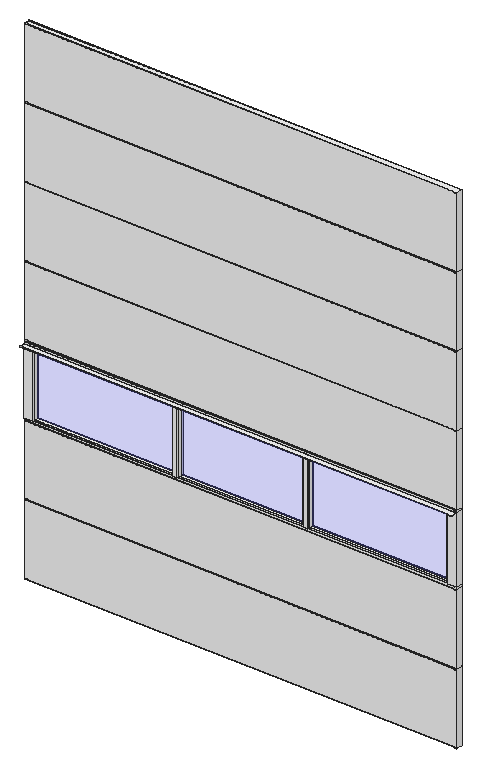
Revit family
Parameters (values of type "By Type")
  Windload = "Doors available rated for various design pressures; consult Clopay for avaialbility and specifications"
  VisSection6 = NumSections = 6  # no
  VisSection5 = NumSections > 4  # yes
  VisSection4 = NumSections > 3  # yes
  VisSection3 = NumSections > 2  # yes
  VisArray = NumSections > 6  # yes
  URL = "www.clopaydoor.com"
  Track = "Galvanized steel (gauge varies according to door size)"
  Thickness = 0' - 1 3/8"  # constant formula
  Spec Wizard = "http://www.arcat.com/specwizard/08360clo/index.htm"
  Section Height = Height / NumSections  # 2' - 0"
  Section 5 Glazing = 3200 Section : Solid
  Section 4 Glazing = 3200 Section : Solid
  Section 3 Glazing = Full Vision Section : Intermediate
  Sales Information = "http://www.clopaydoor.com/where-to-buy.aspx?type=dealer"
  Rough Width = 0' - 0"  # constant formula
  Rough Height = 0' - 0"  # constant formula
  R-Value = "6.5"
  Product Features and Benefits = "http://www.clopaydoor.com/insulated-polystyrene-applications.aspx"
  Overlapping Jamb = yes
  Overlap = if(Overlapping Jamb, 0' 1", 0' 0")  # 0' - 1"
  Opening Width = 12' - 0"
  Opening Height = 14' - 0"
  Omniclass Table = "23-30 10 17 37 "
  NumSectionsNotRounded = Height / 2' 0"  # 7
  NumSections = NumSectionsNotRounded + 0.4999  # 7
  NumArraySections = if(NumSections > 6, NumSections - 5, 2)  # 2
  Model = "3150"
  Maximum Size = "Maximum 18' 2'' wide by 16' 0'' high. Additional limitations may apply do to door weight. Consult Clopay for specificiations and shop drawings."  # constant formula
  Manufacturer Website = "http://www.clopaydoor.com"
  Manufacturer Phone Number = "1-800-526-4301"
  Manufacturer Address = "1400 W. Market St., Troy, OH 45373"
  Manufacturer = "Clopay Building Products Company"
  LEED = "http://products.construction.com/swts_content_files/151607/303186.pdf"
  Keynote = "08 36 13"
  Interior Steel = "28 ga. galvanized, primed, and finish painted"
  Hardware = "14 ga. min. steel hinges; 10-ball steel rollers"
  GreenFormat = "http://www.greenformat.com/products/1541-Polystyrene-Insulated-Doors"
  Function = (empty or 0)
  Height = Opening Height + Rough Width * 0  # 14' - 0"
  Wall Closure = (empty or 0)
  Width = Opening Width + Rough Width * 0  # 12' - 0"
  FloorToSection7 = 6 * Section Height  # 12' - 0"
  FloorToSection6 = 5 * Section Height  # 10' - 0"
  FloorToSection5 = 4 * Section Height  # 8' - 0"
  FloorToSection4 = 3 * Section Height  # 6' - 0"
  FloorToSection3 = 2 * Section Height  # 4' - 0"
  FloorToSection2 = Section Height  # 2' - 0"
  File Revision = "01 (Aug, 2012)"
  Exterior Steel = "27 ga. galvanized, primed, and finish painted"
  Double End Stiles = Door Width > 14' 2"  # no
  Door Width = Opening Width + Overlap * 2  # 12' - 2"
  Door Height = Opening Height + Rough Width * 0  # 14' - 0"
  Description = "1-3/8'' thick polystyrene insulated, stucco embossed 27 gauge steel exterior with light ribbed pattern."
  Core Material = "Expanded polystyrene"
  Copyright = "2010, Clopay Building Products Company, Inc."
  Color = White
  CAD and Specifications = "http://www.clopaydoor.com/insulated-polystyrene-specs.aspx"
  Assembly Code = "B2030410"
Reference planes (in)
  plane 1 "Center (Front/Back)": y = 0
  plane 2 "Center (Left/Right)": x = 0
  plane 3 "Left": x = -72
  plane 4 "Right": x = 72
  plane 5 "Top": z = 168
  plane 6 "Exterior": y = 3
  plane 7 "Interior": y = -3
  plane 8: z = 120
  plane 9: z = 144
Lines and regions (in)
  Opening 1
    outline origin (-90, -3, 0) x (1, 0, 0) y (0, 0, 1)
      loop
        line (18, 0) -> (162, 0) -> (162, 168) -> (18, 168) -> (18, 0)
Text (in)
  text "Exterior" at (-74.96733, 27.31104, 0), in view "Ref. Level"
  text "Interior" at (-74.96733, -25.14366, 0), in view "Ref. Level"
  text "Exterior" at (0, 40.15149, 123.01588), in view "Right"
  text "Interior" at (0, -64.39139, 123.01588), in view "Right"
  text "Interior" at (0, -31.01599, 123.00693), in view "Left"
  text "Exterior" at (0, 54.57065, 123.00693), in view "Left"
Dimensions and locks (in)
  equal spacing: plane 3 "Left", plane 2 "Center (Left/Right)", plane 4 "Right"
  "Height": level to plane 5 "Top"
  "Width": plane 3 "Left" to plane 4 "Right"
  host wall to plane 5 "Top" = 14' - 0"
  nested 1 to plane 7 "Interior" = 0' - 0 1/2"
  "FloorToSection6": plane 8 to level
  "FloorToSection7": plane 9 to level
  group 1 to group 2 = 0' - 0"  (x2)
  group 1 to group 2 = 2' - 0"
  aligned and locked: plane 3 "Left" to Opening 1 sketch curve
  aligned and locked: plane 5 "Top" to Opening 1 sketch curve  (x2)
  aligned and locked: Opening 1 sketch curve to plane 4 "Right"
  aligned and locked: Opening 1 sketch curve to level
  aligned and locked: plane 6 "Exterior" to host wall
  aligned and locked: host wall to plane 7 "Interior"
  aligned and locked: plane 2 "Center (Left/Right)" to nested 2
  aligned and locked: plane 2 "Center (Left/Right)" to nested 3
  aligned and locked: plane 2 "Center (Left/Right)" to nested 4
  aligned and locked: plane 2 "Center (Left/Right)" to nested 6
  aligned and locked: nested 6 to plane 8
  aligned and locked: nested 7 to plane 9
  aligned and locked: plane 2 "Center (Left/Right)" to nested 9
  aligned and locked: plane 7 "Interior" to nested 2
  aligned and locked: plane 7 "Interior" to nested 3
  aligned and locked: plane 7 "Interior" to nested 4  (x2)
  aligned and locked: plane 7 "Interior" to nested 9  (x2)
  aligned and locked: plane 7 "Interior" to nested 7
  aligned and locked: nested 1 to nested 7
  aligned and locked: nested 1 to nested 6
  aligned and locked: host wall to nested 3
Nested families (in)
  nested 1: "3200 Section" at (0, 0, 0), type "Solid"
  nested 2: "3200 Section" at (0, 0, 24), built-in parameter 1001364 <- "Section Height", type "Solid"
  nested 3: "3200 Section" at (0, 0, 120), built-in parameter 1001364 <- "FloorToSection6", visible <- "VisSection6", type "Solid"
  nested 4: "3200 Section" at (0, 0, 96), built-in parameter 1001364 <- "FloorToSection5", type <- "Section 5 Glazing", visible <- "VisSection5", type "Solid"
  nested 5: "3200 Section" at (0, 0, 72), type <- "Section 4 Glazing", built-in parameter 1001364 <- "FloorToSection4", visible <- "VisSection4", type "Solid"
  nested 6: "3200 Section" at (0, 0, 120), visible <- "VisArray", type "Solid"
  nested 7: "3200 Section" at (0, 0, 144), visible <- "VisArray", type "Solid"
  nested 8: "3200 Section" at (0, 4.53003, 370.39685), type "Windows - 24x8", not visible
    with X9 1' - 5 1/2", X8 1' - 5 1/2", X7 1' - 5 1/2", X6 1' - 5 1/2", X5 1' - 5 1/2", X4 1' - 5 1/2", X3 8' - 9 1/2", X2 5' - 1 1/2", NumWindows 3, Half Door Width Neg -6' - 1", Half Door Width 6' - 1", X1 1' - 5 1/2", Door Width 12' - 2"
  nested 9: "Full Vision Section" at (0, 0, 48), built-in parameter 1001364 <- "FloorToSection3", type <- "Section 3 Glazing", type "Intermediate"
    with SingleStileVis no, Rail Width 12' - 1 13/16", NumIntStiles 2, Half Rail Width 6' - 0 29/32", Half Door Width 6' - 1", Glass Width 12' - 0 13/16", Edge to 1st Int Stile 4' - 3", Door Width 12' - 2", ArrayStileVis yes
Definition of nested family "3200 Section"
  Parameters (values of type "Windows - 24x12")
    X9 = if(if(NumArrayedWindows < NumWindows, NumArrayedWindows + 1, NumWindows) < 9, X1, X8 + WindowSpacing)  # 0' - 7 1/2"
    X8 = if(if(NumArrayedWindows < NumWindows, NumArrayedWindows + 1, NumWindows) < 8, X1, X7 + WindowSpacing)  # 0' - 7 1/2"
    X7 = if(if(NumArrayedWindows < NumWindows, NumArrayedWindows + 1, NumWindows) < 7, X1, X6 + WindowSpacing)  # 0' - 7 1/2"
    X6 = if(if(NumArrayedWindows < NumWindows, NumArrayedWindows + 1, NumWindows) < 6, X1, X5 + WindowSpacing)  # 0' - 7 1/2"
    X5 = if(if(NumArrayedWindows < NumWindows, NumArrayedWindows + 1, NumWindows) < 5, X1, X4 + WindowSpacing)  # 0' - 7 1/2"
    X4 = if(if(NumArrayedWindows < NumWindows, NumArrayedWindows + 1, NumWindows) < 4, X1, X3 + WindowSpacing)  # 11' - 7 1/2"
    X3 = if(or(NumWindows < 3, SingleWindowVis), X1, X2 + WindowSpacing)  # 7' - 11 1/2"
    X2 = if(NumWindows < 2, ((Door Width - (NumWindows - 1) * WindowSpacing) / 2 - Cutout Width / 2), ((Door Width - (NumWindows - 1) * WindowSpacing) / 2 - Cutout Width / 2) + WindowSpacing)  # 4' - 3 1/2"
    Windows (2) = 3200 Window : 24x12
    Windows = 3200 Window Array : 24x12
    WindowSpacing = if(and(Door Width < 10' 0", Door Width > 9' 2"), 3' 4", 3' 8")  # 3' - 8"
    WindowArrayVis = and(or(and(Window Type Index = 4, Door Width > 7' 6", Door Width < 16' 3"), Window Type Index = 3, Window Type Index = 2), not(SingleWindowVis))  # yes
    WindowCutDepth = if(or(Window Type Index = 1, and(Door Width < 7' 8", Window Type Index = 4), and(Window Type Index = 4, Door Width > 16' 2")), -0' 0 13/128", 0' 2")  # 0' - 2"
    Window Type Index = 3
    SingleWindowVis = and(X2 = X1, NumWindows = 3, Window Type Index = 4)  # no
    Section Height = 2' - 0"
    RibSpacing = Section Height / (NumRibs + 1)  # 0' - 4"
    NumWindows = if(Door Width < 9' 4", 2, if(Door Width < 13' 4", 3, if(Door Width < 16' 4", 4, if(Door Width < 20' 4", 5, if(Door Width < 24' 4", 6, if(Door Width < 26' 4", 7, if(Door Width < 31' 8", 8, 10)))))))  # 4
    NumRibs = if(Section Height < 1' 9", 3, if(Section Height < 2' 0", 4, 5))  # 5
    NumArrayedWindows = if(X2 = X1, if(NumWindows < 4, 2, NumWindows - 2), NumWindows)  # 4
    Half Section Height = Section Height / 2  # 1' - 0"
    Half Door Width Neg = -Half Door Width  # -7' - 1"
    Half Door Width = Door Width / 2  # 7' - 1"
    Half Cutout Height = Cutout Height / 2  # 0' - 5 1/2"
    Function = (empty or 0)
    Height = 0' - 0"
    Wall Closure = (empty or 0)
    Width = 0' - 0"
    X1 = if(if(Window Type Index = 4, if(or(and(Door Width < 11' 0", Door Width > 9' 2"), and(Door Width < 15' 3", Door Width > 13' 2")), X2, (Door Width - (NumWindows - 1) * WindowSpacing) / 2 - Cutout Width / 2), if(or(and(Door Width > 16' 2", Door Width < 16' 7")), X2, (Door Width - (NumWindows - 1) * WindowSpacing) / 2 - Cutout Width / 2)) < 0' 1", 0' 1", if(Window Type Index = 4, if(or(and(Door Width < 11' 0", Door Width > 9' 2"), and(Door Width < 15' 3", Door Width > 13' 2")), X2, (Door Width - (NumWindows - 1) * WindowSpacing) / 2 - Cutout Width / 2), if(or(and(Door Width > 16' 2", Door Width < 16' 7")), X2, (Door Width - (NumWindows - 1) * WindowSpacing) / 2 - Cutout Width / 2)))  # 0' - 7 1/2"
    Door Width = 14' - 2"
    CutoutToCutout = 1' - 0"
    Cutout Width = if(Window Type Index = 4, 3' 2", 1' 11")  # 1' - 11"
    Cutout Height = if(Window Type Index = 4, 1' 0", if(Window Type Index = 3, 0' 11", 0' 7"))  # 0' - 11"
    Color = White
    BtmTo1stRib = RibSpacing  # 0' - 4"
    Assembly Code = ""
  Types (3): name | X9 | X8 | X7 | X6 | X5 | X4 | X3 | X2 | Windows (2) | Windows | WindowArrayVis | WindowCutDepth | Window Type Index | NumWindows | NumArrayedWindows | Half Door Width Neg | Half Door Width | Half Cutout Height | X1 | Door Width | Cutout Height
    Windows - 24x12 | 0' - 7 1/2" | 0' - 7 1/2" | 0' - 7 1/2" | 0' - 7 1/2" | 0' - 7 1/2" | 11' - 7 1/2" | 7' - 11 1/2" | 4' - 3 1/2" | 3200 Window : 24x12 | 3200 Window Array : 24x12 | yes | 0' - 2" | 3 | 4 | 4 | -7' - 1" | 7' - 1" | 0' - 5 1/2" | 0' - 7 1/2" | 14' - 2" | 0' - 11"
    Windows - 24x8 | 3' - 6 1/2" | 3' - 6 1/2" | 3' - 6 1/2" | 3' - 6 1/2" | 3' - 6 1/2" | 10' - 10 1/2" | 7' - 2 1/2" | 3' - 6 1/2" | 3200 Window : 24x8 | 3200 Window Array : 24x8 | yes | 0' - 2" | 2 | 5 | 3 | -8' - 2" | 8' - 2" | 0' - 3 1/2" | 3' - 6 1/2" | 16' - 4" | 0' - 7"
    Solid | 1' - 5 1/2" | 1' - 5 1/2" | 1' - 5 1/2" | 1' - 5 1/2" | 1' - 5 1/2" | 1' - 5 1/2" | 8' - 9 1/2" | 5' - 1 1/2" | 3200 Window : 24x8 | 3200 Window : 24x8 | no | -0' - 0 13/128" | 1 | 3 | 3 | -6' - 1" | 6' - 1" | 0' - 3 1/2" | 1' - 5 1/2" | 12' - 2" | 0' - 7"
  Reference planes (in)
    plane 1 "Center (Front/Back)": y = 0
    plane 2 "Center (Left/Right)": x = 0
    plane 3 "Exterior": y = 3
    plane 4 "Interior": y = -3
    plane 5: y = -3.5
    plane 6: x = 85
    plane 7: x = -85
    plane 8: z = 4
    plane 9: z = 8
    plane 10: z = 24
    plane 11: z = 12
    plane 12: z = 0
  Forms (in)
    Extrusion 1, solid, material "White" <- "Color"
      sketch origin (-85, -12, 83.08252) x (0, 0, 1) y (0, -1, 0)
        loop
          line (-59.08252, -8.37573) -> (-59.08252, -6.62444)
          arc (-59.08252, -6.62444) -> (-59.11897, -6.53645) -> (-59.20696, -6.5) r 0.12444
          line (-59.20696, -6.5) -> (-82.95809, -6.5)
          arc (-82.95809, -6.5) -> (-83.04608, -6.53645) -> (-83.08252, -6.62444) r 0.12444
          line (-83.08252, -6.62444) -> (-83.08252, -8.37573)
          arc (-83.08252, -8.37573) -> (-83.04612, -8.4636) -> (-82.95825, -8.5) r 0.12427
          line (-82.95825, -8.5) -> (-59.20679, -8.5)
          arc (-59.20679, -8.5) -> (-59.11892, -8.4636) -> (-59.08252, -8.37573) r 0.12427
      from 0 to 170 <- "Door Width"
    Extrusion 2, void
      sketch origin (-98.15385, -3.5, 48) x (1, 0, 0) y (0, 0, 1)
        loop
          line (175.65385, -30.5) -> (152.65385, -30.5) -> (152.65385, -36) -> (175.65385, -36) -> (175.65385, -30.5)
      from 0 to 2 <- "WindowCutDepth"
    Extrusion 3, void
      sketch origin (-98.15385, -3.5, -24) x (1, 0, 0) y (0, 0, 1)
        loop
          line (175.65385, 30.5) -> (175.65385, 36) -> (152.65385, 36) -> (152.65385, 30.5) -> (175.65385, 30.5)
      from 0 to 2 <- "WindowCutDepth"
    Extrusion 4, void
      sketch origin (-136.15385, -3.5, 48) x (1, 0, 0) y (0, 0, 1)
        loop
          line (169.65385, -30.5) -> (146.65385, -30.5) -> (146.65385, -36) -> (169.65385, -36) -> (169.65385, -30.5)
      from 0 to 2 <- "WindowCutDepth"
    Extrusion 5, void
      sketch origin (-136.15385, -3.5, -24) x (1, 0, 0) y (0, 0, 1)
        loop
          line (169.65385, 30.5) -> (169.65385, 36) -> (146.65385, 36) -> (146.65385, 30.5) -> (169.65385, 30.5)
      from 0 to 2 <- "WindowCutDepth"
    Extrusion 6, void
      sketch origin (-171.15385, -3.5, 48) x (1, 0, 0) y (0, 0, 1)
        loop
          line (160.65385, -30.5) -> (137.65385, -30.5) -> (137.65385, -36) -> (160.65385, -36) -> (160.65385, -30.5)
      from 0 to 2 <- "WindowCutDepth"
    Extrusion 7, void
      sketch origin (-171.15385, -3.5, -24) x (1, 0, 0) y (0, 0, 1)
        loop
          line (160.65385, 30.5) -> (160.65385, 36) -> (137.65385, 36) -> (137.65385, 30.5) -> (160.65385, 30.5)
      from 0 to 2 <- "WindowCutDepth"
    Extrusion 8, void
      sketch origin (-214.15385, -3.5, 48) x (1, 0, 0) y (0, 0, 1)
        loop
          line (159.65385, -30.5) -> (136.65385, -30.5) -> (136.65385, -36) -> (159.65385, -36) -> (159.65385, -30.5)
      from 0 to 2 <- "WindowCutDepth"
    Extrusion 9, void
      sketch origin (-214.15385, -3.5, -24) x (1, 0, 0) y (0, 0, 1)
        loop
          line (159.65385, 30.5) -> (159.65385, 36) -> (136.65385, 36) -> (136.65385, 30.5) -> (159.65385, 30.5)
      from 0 to 2 <- "WindowCutDepth"
    Extrusion 10, void
      sketch origin (-256.15385, -3.5, 48) x (1, 0, 0) y (0, 0, 1)
        loop
          line (333.65385, -30.5) -> (310.65385, -30.5) -> (310.65385, -36) -> (333.65385, -36) -> (333.65385, -30.5)
      from 0 to 2 <- "WindowCutDepth"
    Extrusion 11, void
      sketch origin (-256.15385, -3.5, -24) x (1, 0, 0) y (0, 0, 1)
        loop
          line (333.65385, 30.5) -> (333.65385, 36) -> (310.65385, 36) -> (310.65385, 30.5) -> (333.65385, 30.5)
      from 0 to 2 <- "WindowCutDepth"
    Extrusion 12, void
      sketch origin (-294.15385, -3.5, 48) x (1, 0, 0) y (0, 0, 1)
        loop
          line (371.65385, -30.5) -> (348.65385, -30.5) -> (348.65385, -36) -> (371.65385, -36) -> (371.65385, -30.5)
      from 0 to 2 <- "WindowCutDepth"
    Extrusion 13, void
      sketch origin (-294.15385, -3.5, -24) x (1, 0, 0) y (0, 0, 1)
        loop
          line (371.65385, 30.5) -> (371.65385, 36) -> (348.65385, 36) -> (348.65385, 30.5) -> (371.65385, 30.5)
      from 0 to 2 <- "WindowCutDepth"
    Extrusion 14, void
      sketch origin (-331.15385, -3.5, 48) x (1, 0, 0) y (0, 0, 1)
        loop
          line (408.65385, -30.5) -> (385.65385, -30.5) -> (385.65385, -36) -> (408.65385, -36) -> (408.65385, -30.5)
      from 0 to 2 <- "WindowCutDepth"
    Extrusion 15, void
      sketch origin (-331.15385, -3.5, -24) x (1, 0, 0) y (0, 0, 1)
        loop
          line (408.65385, 30.5) -> (408.65385, 36) -> (385.65385, 36) -> (385.65385, 30.5) -> (408.65385, 30.5)
      from 0 to 2 <- "WindowCutDepth"
    Extrusion 16, void
      sketch origin (-368.15385, -3.5, 48) x (1, 0, 0) y (0, 0, 1)
        loop
          line (445.65385, -30.5) -> (422.65385, -30.5) -> (422.65385, -36) -> (445.65385, -36) -> (445.65385, -30.5)
      from 0 to 2 <- "WindowCutDepth"
    Extrusion 17, void
      sketch origin (-368.15385, -3.5, -24) x (1, 0, 0) y (0, 0, 1)
        loop
          line (445.65385, 30.5) -> (445.65385, 36) -> (422.65385, 36) -> (422.65385, 30.5) -> (445.65385, 30.5)
      from 0 to 2 <- "WindowCutDepth"
    Extrusion 18, void
      sketch origin (-407.15385, -3.5, 48) x (1, 0, 0) y (0, 0, 1)
        loop
          line (484.65385, -30.5) -> (461.65385, -30.5) -> (461.65385, -36) -> (484.65385, -36) -> (484.65385, -30.5)
      from 0 to 2 <- "WindowCutDepth"
    Extrusion 19, void
      sketch origin (-407.15385, -3.5, -24) x (1, 0, 0) y (0, 0, 1)
        loop
          line (484.65385, 30.5) -> (484.65385, 36) -> (461.65385, 36) -> (461.65385, 30.5) -> (484.65385, 30.5)
      from 0 to 2 <- "WindowCutDepth"
    Extrusion 20, void
      sketch origin (0, -8.99984, -0.5) x (0, 1, 0) y (0, 0, -1)
        loop
          line (5.49984, -4.62727) -> (5.49984, -4.37273) -> (5.46952, -4.41942)
          arc (5.46952, -4.41942) -> (5.46231, -4.43506) -> (5.45984, -4.4521) r 0.06
          line (5.45984, -4.4521) -> (5.45984, -4.5479)
          arc (5.45984, -4.5479) -> (5.46231, -4.56494) -> (5.46952, -4.58058) r 0.06
          line (5.46952, -4.58058) -> (5.49984, -4.62727)
      from -85 <- "Half Door Width Neg" to 170 <- "Door Width"
    Extrusion 21, void
      sketch origin (0, -8.99984, 3.5) x (0, 1, 0) y (0, 0, -1)
        loop
          line (5.49984, -4.62727) -> (5.49984, -4.37273) -> (5.46952, -4.41942)
          arc (5.46952, -4.41942) -> (5.46231, -4.43506) -> (5.45984, -4.4521) r 0.06
          line (5.45984, -4.4521) -> (5.45984, -4.5479)
          arc (5.45984, -4.5479) -> (5.46231, -4.56494) -> (5.46952, -4.58058) r 0.06
          line (5.46952, -4.58058) -> (5.49984, -4.62727)
      from -85 <- "Half Door Width Neg" to 170 <- "Door Width"
    Extrusion 22, void
      sketch origin (0, -8.99984, 7.5) x (0, 1, 0) y (0, 0, -1)
        loop
          line (5.49984, -4.62727) -> (5.49984, -4.37273) -> (5.46952, -4.41942)
          arc (5.46952, -4.41942) -> (5.46231, -4.43506) -> (5.45984, -4.4521) r 0.06
          line (5.45984, -4.4521) -> (5.45984, -4.5479)
          arc (5.45984, -4.5479) -> (5.46231, -4.56494) -> (5.46952, -4.58058) r 0.06
          line (5.46952, -4.58058) -> (5.49984, -4.62727)
      from -85 <- "Half Door Width Neg" to 170 <- "Door Width"
    Extrusion 23, void
      sketch origin (0, -8.99984, 11.5) x (0, 1, 0) y (0, 0, -1)
        loop
          line (5.49984, -4.62727) -> (5.49984, -4.37273) -> (5.46952, -4.41942)
          arc (5.46952, -4.41942) -> (5.46231, -4.43506) -> (5.45984, -4.4521) r 0.06
          line (5.45984, -4.4521) -> (5.45984, -4.5479)
          arc (5.45984, -4.5479) -> (5.46231, -4.56494) -> (5.46952, -4.58058) r 0.06
          line (5.46952, -4.58058) -> (5.49984, -4.62727)
      from -85 <- "Half Door Width Neg" to 170 <- "Door Width"
    Extrusion 24, void
      sketch origin (0, -8.99984, 15.5) x (0, 1, 0) y (0, 0, -1)
        loop
          line (5.49984, -4.62727) -> (5.49984, -4.37273) -> (5.46952, -4.41942)
          arc (5.46952, -4.41942) -> (5.46231, -4.43506) -> (5.45984, -4.4521) r 0.06
          line (5.45984, -4.4521) -> (5.45984, -4.5479)
          arc (5.45984, -4.5479) -> (5.46231, -4.56494) -> (5.46952, -4.58058) r 0.06
          line (5.46952, -4.58058) -> (5.49984, -4.62727)
      from -85 <- "Half Door Width Neg" to 170 <- "Door Width"
  Cuts and joins
    Extrusion 2, Extrusion 3, Extrusion 4, Extrusion 5, Extrusion 6, Extrusion 7, Extrusion 8, Extrusion 9, Extrusion 10, Extrusion 11, Extrusion 12, Extrusion 13, Extrusion 14, Extrusion 15, Extrusion 16, Extrusion 17, Extrusion 18, Extrusion 19, Extrusion 20, Extrusion 21, Extrusion 22, Extrusion 23, Extrusion 24 cuts Extrusion 1
  Lines and regions (in)
    reference lines
      curve 1: line (-72, -3.54, 4) -> (-72, -3.5, 4)
      curve 2: line (-72, -3.54, 8) -> (-72, -3.5, 8)
      curve 3: line (-72, -3.54, 12) -> (-72, -3.5, 12)
      curve 4: line (-72, -3.54, 16) -> (-72, -3.5, 16)
      curve 5: line (-72, -3.54, 20) -> (-72, -3.5, 20)
  Text (in)
    text "Exterior" at (-74.96733, 27.31104, 0), in view "Ref. Level"
    text "Interior" at (-74.96733, -25.14366, 0), in view "Ref. Level"
    text "Exterior" at (0, 40.15149, 123.01588), in view "Right"
    text "Interior" at (0, -64.39139, 123.01588), in view "Right"
    text "Interior" at (0, -31.01599, 123.00693), in view "Left"
    text "Exterior" at (0, 54.57065, 123.00693), in view "Left"
  Dimensions and locks (in)
    plane 4 "Interior" to plane 5 = 0' - 0 1/2"
    "Half Door Width": plane 2 "Center (Left/Right)" to plane 7
    "Half Door Width": plane 6 to plane 2 "Center (Left/Right)"
    Extrusion 1 sketch curve to Extrusion 1 sketch curve = 0' - 2"
    "BtmTo1stRib": plane 8 to level
    "RibSpacing": plane 9 to plane 8
    "Section Height": plane 10 to level
    "Half Section Height": level to plane 11
    "Cutout Width": Extrusion 2 sketch curve to Extrusion 2 sketch curve
    "Half Cutout Height": Extrusion 2 sketch curve to Extrusion 2 sketch curve
    "Cutout Width": Extrusion 3 sketch curve to Extrusion 3 sketch curve
    "Half Cutout Height": Extrusion 3 sketch curve to Extrusion 3 sketch curve
    "X1": cut or joined group 1 (Extrusion 1, Extrusion 2, Extrusion 3, Extrusion 4, Extrusion 5, Extrusion 6, Extrusion 7, Extrusion 8, Extrusion 9, Extrusion 10, Extrusion 11, Extrusion 12, Extrusion 13, Extrusion 14, Extrusion 15, Extrusion 16, Extrusion 17, Extrusion 18, Extrusion 19, Extrusion 20, Extrusion 21, Extrusion 22, Extrusion 23, Extrusion 24) to cut or joined group 1
    "Cutout Width": Extrusion 4 sketch curve to Extrusion 4 sketch curve
    "Half Cutout Height": Extrusion 4 sketch curve to Extrusion 4 sketch curve
    "Cutout Width": Extrusion 5 sketch curve to Extrusion 5 sketch curve
    "Half Cutout Height": Extrusion 5 sketch curve to Extrusion 5 sketch curve
    "Cutout Width": Extrusion 6 sketch curve to Extrusion 6 sketch curve
    "Half Cutout Height": Extrusion 6 sketch curve to Extrusion 6 sketch curve
    "Cutout Width": Extrusion 7 sketch curve to Extrusion 7 sketch curve
    "Half Cutout Height": Extrusion 7 sketch curve to Extrusion 7 sketch curve
    "X2": plane 6 to cut or joined group 1
    "X3": plane 6 to cut or joined group 1
    "Cutout Width": Extrusion 8 sketch curve to Extrusion 8 sketch curve
    "Half Cutout Height": Extrusion 8 sketch curve to Extrusion 8 sketch curve
    "Cutout Width": Extrusion 9 sketch curve to Extrusion 9 sketch curve
    "Half Cutout Height": Extrusion 9 sketch curve to Extrusion 9 sketch curve
    "Cutout Width": Extrusion 10 sketch curve to Extrusion 10 sketch curve
    "Half Cutout Height": Extrusion 10 sketch curve to Extrusion 10 sketch curve
    "Cutout Width": Extrusion 11 sketch curve to Extrusion 11 sketch curve
    "Half Cutout Height": Extrusion 11 sketch curve to Extrusion 11 sketch curve
    "Cutout Width": Extrusion 12 sketch curve to Extrusion 12 sketch curve
    "Half Cutout Height": Extrusion 12 sketch curve to Extrusion 12 sketch curve
    "Cutout Width": Extrusion 13 sketch curve to Extrusion 13 sketch curve
    "Half Cutout Height": Extrusion 13 sketch curve to Extrusion 13 sketch curve
    "Cutout Width": Extrusion 14 sketch curve to Extrusion 14 sketch curve
    "Half Cutout Height": Extrusion 14 sketch curve to Extrusion 14 sketch curve
    "Cutout Width": Extrusion 15 sketch curve to Extrusion 15 sketch curve
    "Half Cutout Height": Extrusion 15 sketch curve to Extrusion 15 sketch curve
    "Cutout Width": Extrusion 16 sketch curve to Extrusion 16 sketch curve
    "Half Cutout Height": Extrusion 16 sketch curve to Extrusion 16 sketch curve
    "Cutout Width": Extrusion 17 sketch curve to Extrusion 17 sketch curve
    "Half Cutout Height": Extrusion 17 sketch curve to Extrusion 17 sketch curve
    "Cutout Width": Extrusion 18 sketch curve to Extrusion 18 sketch curve
    "Half Cutout Height": Extrusion 18 sketch curve to Extrusion 18 sketch curve
    "Cutout Width": Extrusion 19 sketch curve to Extrusion 19 sketch curve
    "Half Cutout Height": Extrusion 19 sketch curve to Extrusion 19 sketch curve
    "X4": plane 6 to cut or joined group 1
    "X5": plane 6 to cut or joined group 1
    "X6": plane 6 to cut or joined group 1
    "X7": plane 6 to cut or joined group 1
    "X8": plane 6 to cut or joined group 1
    "X9": plane 6 to cut or joined group 1
    locked: nested 1 to cut or joined group 1 at 1  (x2)
    locked: nested 1 to cut or joined group 1 at 0.125
    locked: nested 2 to cut or joined group 1 at 1  (x2)
    locked: nested 2 to plane 5 at 0.125
    Extrusion 20 sketch curve to Extrusion 20 sketch curve = 0' - 0.25454"
    Extrusion 20 sketch curve to Extrusion 20 sketch curve = 0' - 0.04"  (x2)
    Extrusion 20 sketch curve to curve 1 = 0' - 0.12727"
    Extrusion 21 sketch curve to Extrusion 21 sketch curve = 0' - 0.25454"
    Extrusion 21 sketch curve to Extrusion 21 sketch curve = 0' - 0.04"  (x2)
    Extrusion 21 sketch curve to curve 2 = 0' - 0.12727"
    equal spacing: group 1, group 2, group 3, group 4, group 5  (x3)
    Extrusion 22 sketch curve to Extrusion 22 sketch curve = 0' - 0.25454"
    Extrusion 22 sketch curve to Extrusion 22 sketch curve = 0' - 0.04"  (x2)
    Extrusion 22 sketch curve to curve 3 = 0' - 0.12727"
    locked: plane 5 to plane 4 "Interior" at 0.5
    Extrusion 23 sketch curve to Extrusion 23 sketch curve = 0' - 0.25454"
    Extrusion 23 sketch curve to Extrusion 23 sketch curve = 0' - 0.04"  (x2)
    Extrusion 23 sketch curve to curve 4 = 0' - 0.12727"
    Extrusion 24 sketch curve to Extrusion 24 sketch curve = 0' - 0.25454"
    Extrusion 24 sketch curve to Extrusion 24 sketch curve = 0' - 0.04"  (x2)
    Extrusion 24 sketch curve to curve 5 = 0' - 0.12727"
    radius of Extrusion 1 sketch curve = 0' - 0.12427"  (x2)
    radius of Extrusion 1 sketch curve = 0' - 0.12444"  (x2)
    angle Extrusion 20 sketch curve to Extrusion 20 sketch curve = 147.00°  (x2)
    angle Extrusion 21 sketch curve to Extrusion 21 sketch curve = 147.00°  (x2)
    angle Extrusion 22 sketch curve to Extrusion 22 sketch curve = 147.00°  (x2)
    angle Extrusion 23 sketch curve to Extrusion 23 sketch curve = 147.00°  (x2)
    angle Extrusion 24 sketch curve to Extrusion 24 sketch curve = 147.00°  (x2)
    aligned and locked: Extrusion 1 sketch curve to plane 5
    aligned and locked: Extrusion 2 sketch curve to plane 11
    aligned and locked: plane 11 to Extrusion 3 sketch curve
    aligned and locked: cut or joined group 1 to cut or joined group 1  (x9)
    aligned and locked: plane 12 to level
    aligned: plane 9 to curve 2  (x2)
    aligned and locked: plane 8 to curve 1
    aligned and locked: plane 9 to curve 2
  Automatic sketch dimensions
    curve 1 to curve 1 = 0' - 0.04"
    Extrusion 20 sketch curve to Extrusion 20 sketch curve = 0' - 0"
    Extrusion 20 sketch curve to Extrusion 20 sketch curve = 0' - 0.02"
    Extrusion 20 sketch curve to Extrusion 20 sketch curve = 0' - 0.00968"  (x2)
    Extrusion 21 sketch curve to Extrusion 21 sketch curve = 0' - 0"
    Extrusion 21 sketch curve to Extrusion 21 sketch curve = 0' - 0.02"
    Extrusion 21 sketch curve to Extrusion 21 sketch curve = 0' - 0.00968"  (x2)
    Extrusion 22 sketch curve to Extrusion 22 sketch curve = 0' - 0"
    Extrusion 22 sketch curve to Extrusion 22 sketch curve = 0' - 0.02"
    Extrusion 22 sketch curve to Extrusion 22 sketch curve = 0' - 0.00968"  (x2)
    Extrusion 1 sketch curve to level = 0' - 0"
    Extrusion 1 sketch curve to plane 10 = 0' - 0"
    plane 2 "Center (Left/Right)" to Extrusion 2 sketch curve = 4' - 6 1/2"
    plane 2 "Center (Left/Right)" to Extrusion 3 sketch curve = 4' - 6 1/2"
    Extrusion 4 sketch curve to plane 11 = 0' - 0"
    plane 2 "Center (Left/Right)" to Extrusion 4 sketch curve = 0' - 10 1/2"
    Extrusion 5 sketch curve to plane 11 = 0' - 0"
    plane 2 "Center (Left/Right)" to Extrusion 5 sketch curve = 0' - 10 1/2"
    Extrusion 6 sketch curve to plane 11 = 0' - 0"
    plane 7 to Extrusion 6 sketch curve = 4' - 3 1/2"
    Extrusion 7 sketch curve to plane 11 = 0' - 0"
    plane 7 to Extrusion 7 sketch curve = 4' - 3 1/2"
    Extrusion 8 sketch curve to plane 11 = 0' - 0"
    Extrusion 8 sketch curve to plane 2 "Center (Left/Right)" = 6' - 5 1/2"
    Extrusion 9 sketch curve to plane 11 = 0' - 0"
    Extrusion 9 sketch curve to plane 2 "Center (Left/Right)" = 6' - 5 1/2"
    Extrusion 10 sketch curve to plane 11 = 0' - 0"
    plane 2 "Center (Left/Right)" to Extrusion 10 sketch curve = 4' - 6 1/2"
    Extrusion 11 sketch curve to plane 11 = 0' - 0"
    plane 2 "Center (Left/Right)" to Extrusion 11 sketch curve = 4' - 6 1/2"
    Extrusion 12 sketch curve to plane 11 = 0' - 0"
    plane 2 "Center (Left/Right)" to Extrusion 12 sketch curve = 4' - 6 1/2"
    Extrusion 13 sketch curve to plane 11 = 0' - 0"
    plane 2 "Center (Left/Right)" to Extrusion 13 sketch curve = 4' - 6 1/2"
    Extrusion 14 sketch curve to plane 11 = 0' - 0"
    plane 2 "Center (Left/Right)" to Extrusion 14 sketch curve = 4' - 6 1/2"
    Extrusion 15 sketch curve to plane 11 = 0' - 0"
    plane 2 "Center (Left/Right)" to Extrusion 15 sketch curve = 4' - 6 1/2"
    Extrusion 16 sketch curve to plane 11 = 0' - 0"
    plane 2 "Center (Left/Right)" to Extrusion 16 sketch curve = 4' - 6 1/2"
    Extrusion 17 sketch curve to plane 11 = 0' - 0"
    plane 2 "Center (Left/Right)" to Extrusion 17 sketch curve = 4' - 6 1/2"
    Extrusion 18 sketch curve to plane 11 = 0' - 0"
    plane 2 "Center (Left/Right)" to Extrusion 18 sketch curve = 4' - 6 1/2"
    Extrusion 19 sketch curve to plane 11 = 0' - 0"
    plane 2 "Center (Left/Right)" to Extrusion 19 sketch curve = 4' - 6 1/2"
    Extrusion 23 sketch curve to Extrusion 23 sketch curve = 0' - 0"
    Extrusion 23 sketch curve to Extrusion 23 sketch curve = 0' - 0.02"
    Extrusion 23 sketch curve to Extrusion 23 sketch curve = 0' - 0.00968"  (x2)
    Extrusion 24 sketch curve to Extrusion 24 sketch curve = 0' - 0"
    Extrusion 24 sketch curve to Extrusion 24 sketch curve = 0' - 0.02"
    Extrusion 24 sketch curve to Extrusion 24 sketch curve = 0' - 0.00968"  (x2)
  Nested families (in)
    nested 1: "3200 Window Array" at (66, -3.375, 7.5) x (-1, 0, 0) z (0, 0, 1), type <- "Windows", visible <- "WindowArrayVis", type "24x12"
      with Frame Width 2' - 1", Frame Height 1' - 1"
    nested 2: "3200 Window" at (29.05882, -3.375, 6.85294), type <- "Windows (2)", visible <- "SingleWindowVis", type "24x12"
  Definition of nested family "3200 Window Array"
    Parameters (values of type "40x14")
      Window Spacing = 3' - 8"
      NumWindows = 4
      Frame Width = 3' - 4"
      Frame Height = 1' - 2"
      Color = Tan
      Assembly Code = ""
    Types (3): name | Frame Width | Frame Height
      24x8 | 2' - 1" | 0' - 9"
      28x14 | 2' - 4" | 1' - 2"
      40x14 | 3' - 4" | 1' - 2"
    Reference planes (in)
      plane 1 "Center (Front/Back)": y = 0
      plane 2: z = 0
      plane 3 "Center (Left/Right)": x = 0
      plane 4: y = -1
    Forms (in)
      Extrusion 1, solid, material "Tan" <- "Color"
        sketch origin (-1.38592, 0, 0) x (1, 0, 0) y (0, 0, 1)
          loop
            line (-15.92291, -0.72794) -> (19.57709, -0.72794)
            arc (19.57709, -0.72794) -> (20.01904, -0.54488) -> (20.20209, -0.10294) r 0.625
            line (20.20209, -0.10294) -> (20.20209, 9.39706)
            arc (20.20209, 9.39706) -> (20.01904, 9.839) -> (19.57709, 10.02206) r 0.625
            line (19.57709, 10.02206) -> (-15.92291, 10.02206)
            arc (-15.92291, 10.02206) -> (-16.36485, 9.839) -> (-16.54791, 9.39706) r 0.625
            line (-16.54791, 9.39706) -> (-16.54791, -0.10294)
            arc (-16.54791, -0.10294) -> (-16.36485, -0.54488) -> (-15.92291, -0.72794) r 0.625
          loop
            line (-17.54791, -2.35294) -> (21.20209, -2.35294)
            arc (21.20209, -2.35294) -> (21.64404, -2.16988) -> (21.82709, -1.72794) r 0.625
            line (21.82709, -1.72794) -> (21.82709, 11.02206)
            arc (21.82709, 11.02206) -> (21.64404, 11.464) -> (21.20209, 11.64706) r 0.625
            line (21.20209, 11.64706) -> (-17.54791, 11.64706)
            arc (-17.54791, 11.64706) -> (-17.98985, 11.464) -> (-18.17291, 11.02206) r 0.625
            line (-18.17291, 11.02206) -> (-18.17291, -1.72794)
            arc (-18.17291, -1.72794) -> (-17.98985, -2.16988) -> (-17.54791, -2.35294) r 0.625
        from 0 to 2.25
      Extrusion 2, solid, material "Glass"
        sketch origin (0, -1, 15.9844) x (0, 0, 1) y (-1, 0, 0)
          loop
            arc (-5.96234, 17.30882) -> (-6.1454, 17.75077) -> (-6.58734, 17.93382) r 0.625
            line (-6.58734, 17.93382) -> (-16.08734, 17.93382)
            arc (-16.08734, 17.93382) -> (-16.52928, 17.75077) -> (-16.71234, 17.30882) r 0.625
            line (-16.71234, 17.30882) -> (-16.71234, -18.19118)
            arc (-16.71234, -18.19118) -> (-16.52928, -18.63312) -> (-16.08734, -18.81618) r 0.625
            line (-16.08734, -18.81618) -> (-6.58734, -18.81618)
            arc (-6.58734, -18.81618) -> (-6.1454, -18.63312) -> (-5.96234, -18.19118) r 0.625
            line (-5.96234, -18.19118) -> (-5.96234, 17.30882)
        from 0 to 0.25
      Extrusion 3, solid, material "Tan" <- "Color"
        sketch origin (42.61408, 0, 0) x (1, 0, 0) y (0, 0, 1)
          loop
            line (-15.92291, -0.72794) -> (19.57709, -0.72794)
            arc (19.57709, -0.72794) -> (20.01904, -0.54488) -> (20.20209, -0.10294) r 0.625
            line (20.20209, -0.10294) -> (20.20209, 9.39706)
            arc (20.20209, 9.39706) -> (20.01904, 9.839) -> (19.57709, 10.02206) r 0.625
            line (19.57709, 10.02206) -> (-15.92291, 10.02206)
            arc (-15.92291, 10.02206) -> (-16.36485, 9.839) -> (-16.54791, 9.39706) r 0.625
            line (-16.54791, 9.39706) -> (-16.54791, -0.10294)
            arc (-16.54791, -0.10294) -> (-16.36485, -0.54488) -> (-15.92291, -0.72794) r 0.625
          loop
            line (-17.54791, -2.35294) -> (21.20209, -2.35294)
            arc (21.20209, -2.35294) -> (21.64404, -2.16988) -> (21.82709, -1.72794) r 0.625
            line (21.82709, -1.72794) -> (21.82709, 11.02206)
            arc (21.82709, 11.02206) -> (21.64404, 11.464) -> (21.20209, 11.64706) r 0.625
            line (21.20209, 11.64706) -> (-17.54791, 11.64706)
            arc (-17.54791, 11.64706) -> (-17.98985, 11.464) -> (-18.17291, 11.02206) r 0.625
            line (-18.17291, 11.02206) -> (-18.17291, -1.72794)
            arc (-18.17291, -1.72794) -> (-17.98985, -2.16988) -> (-17.54791, -2.35294) r 0.625
        from 0 to 2.25
      Extrusion 4, solid, material "Glass"
        sketch origin (44, -1, 15.9844) x (0, 0, 1) y (-1, 0, 0)
          loop
            arc (-5.96234, 17.30882) -> (-6.1454, 17.75077) -> (-6.58734, 17.93382) r 0.625
            line (-6.58734, 17.93382) -> (-16.08734, 17.93382)
            arc (-16.08734, 17.93382) -> (-16.52928, 17.75077) -> (-16.71234, 17.30882) r 0.625
            line (-16.71234, 17.30882) -> (-16.71234, -18.19118)
            arc (-16.71234, -18.19118) -> (-16.52928, -18.63312) -> (-16.08734, -18.81618) r 0.625
            line (-16.08734, -18.81618) -> (-6.58734, -18.81618)
            arc (-6.58734, -18.81618) -> (-6.1454, -18.63312) -> (-5.96234, -18.19118) r 0.625
            line (-5.96234, -18.19118) -> (-5.96234, 17.30882)
        from 0 to 0.25
      Extrusion 5, solid, material "Tan" <- "Color"
        sketch origin (86.61408, 0, 0) x (1, 0, 0) y (0, 0, 1)
          loop
            line (-15.92291, -0.72794) -> (19.57709, -0.72794)
            arc (19.57709, -0.72794) -> (20.01904, -0.54488) -> (20.20209, -0.10294) r 0.625
            line (20.20209, -0.10294) -> (20.20209, 9.39706)
            arc (20.20209, 9.39706) -> (20.01904, 9.839) -> (19.57709, 10.02206) r 0.625
            line (19.57709, 10.02206) -> (-15.92291, 10.02206)
            arc (-15.92291, 10.02206) -> (-16.36485, 9.839) -> (-16.54791, 9.39706) r 0.625
            line (-16.54791, 9.39706) -> (-16.54791, -0.10294)
            arc (-16.54791, -0.10294) -> (-16.36485, -0.54488) -> (-15.92291, -0.72794) r 0.625
          loop
            line (-17.54791, -2.35294) -> (21.20209, -2.35294)
            arc (21.20209, -2.35294) -> (21.64404, -2.16988) -> (21.82709, -1.72794) r 0.625
            line (21.82709, -1.72794) -> (21.82709, 11.02206)
            arc (21.82709, 11.02206) -> (21.64404, 11.464) -> (21.20209, 11.64706) r 0.625
            line (21.20209, 11.64706) -> (-17.54791, 11.64706)
            arc (-17.54791, 11.64706) -> (-17.98985, 11.464) -> (-18.17291, 11.02206) r 0.625
            line (-18.17291, 11.02206) -> (-18.17291, -1.72794)
            arc (-18.17291, -1.72794) -> (-17.98985, -2.16988) -> (-17.54791, -2.35294) r 0.625
        from 0 to 2.25
      Extrusion 6, solid, material "Glass"
        sketch origin (88, -1, 15.9844) x (0, 0, 1) y (-1, 0, 0)
          loop
            arc (-5.96234, 17.30882) -> (-6.1454, 17.75077) -> (-6.58734, 17.93382) r 0.625
            line (-6.58734, 17.93382) -> (-16.08734, 17.93382)
            arc (-16.08734, 17.93382) -> (-16.52928, 17.75077) -> (-16.71234, 17.30882) r 0.625
            line (-16.71234, 17.30882) -> (-16.71234, -18.19118)
            arc (-16.71234, -18.19118) -> (-16.52928, -18.63312) -> (-16.08734, -18.81618) r 0.625
            line (-16.08734, -18.81618) -> (-6.58734, -18.81618)
            arc (-6.58734, -18.81618) -> (-6.1454, -18.63312) -> (-5.96234, -18.19118) r 0.625
            line (-5.96234, -18.19118) -> (-5.96234, 17.30882)
        from 0 to 0.25
      Extrusion 7, solid, material "Tan" <- "Color"
        sketch origin (130.61408, 0, 0) x (1, 0, 0) y (0, 0, 1)
          loop
            line (-15.92291, -0.72794) -> (19.57709, -0.72794)
            arc (19.57709, -0.72794) -> (20.01904, -0.54488) -> (20.20209, -0.10294) r 0.625
            line (20.20209, -0.10294) -> (20.20209, 9.39706)
            arc (20.20209, 9.39706) -> (20.01904, 9.839) -> (19.57709, 10.02206) r 0.625
            line (19.57709, 10.02206) -> (-15.92291, 10.02206)
            arc (-15.92291, 10.02206) -> (-16.36485, 9.839) -> (-16.54791, 9.39706) r 0.625
            line (-16.54791, 9.39706) -> (-16.54791, -0.10294)
            arc (-16.54791, -0.10294) -> (-16.36485, -0.54488) -> (-15.92291, -0.72794) r 0.625
          loop
            line (-17.54791, -2.35294) -> (21.20209, -2.35294)
            arc (21.20209, -2.35294) -> (21.64404, -2.16988) -> (21.82709, -1.72794) r 0.625
            line (21.82709, -1.72794) -> (21.82709, 11.02206)
            arc (21.82709, 11.02206) -> (21.64404, 11.464) -> (21.20209, 11.64706) r 0.625
            line (21.20209, 11.64706) -> (-17.54791, 11.64706)
            arc (-17.54791, 11.64706) -> (-17.98985, 11.464) -> (-18.17291, 11.02206) r 0.625
            line (-18.17291, 11.02206) -> (-18.17291, -1.72794)
            arc (-18.17291, -1.72794) -> (-17.98985, -2.16988) -> (-17.54791, -2.35294) r 0.625
        from 0 to 2.25
      Extrusion 8, solid, material "Glass"
        sketch origin (132, -1, 15.9844) x (0, 0, 1) y (-1, 0, 0)
          loop
            arc (-5.96234, 17.30882) -> (-6.1454, 17.75077) -> (-6.58734, 17.93382) r 0.625
            line (-6.58734, 17.93382) -> (-16.08734, 17.93382)
            arc (-16.08734, 17.93382) -> (-16.52928, 17.75077) -> (-16.71234, 17.30882) r 0.625
            line (-16.71234, 17.30882) -> (-16.71234, -18.19118)
            arc (-16.71234, -18.19118) -> (-16.52928, -18.63312) -> (-16.08734, -18.81618) r 0.625
            line (-16.08734, -18.81618) -> (-6.58734, -18.81618)
            arc (-6.58734, -18.81618) -> (-6.1454, -18.63312) -> (-5.96234, -18.19118) r 0.625
            line (-5.96234, -18.19118) -> (-5.96234, 17.30882)
        from 0 to 0.25
    Dimensions and locks (in)
      locked: Extrusion 1 sketch curve to Extrusion 1 sketch curve at 1.625  (x4)
      "Frame Height": Extrusion 1 sketch curve to Extrusion 1 sketch curve
      "Frame Width": Extrusion 1 sketch curve to Extrusion 1 sketch curve
      Extrusion 1 to plane 4 = 0' - 1"
      Extrusion 1 to plane 3 "Center (Left/Right)" = 1' - 7.55882"
      locked: Extrusion 3 sketch curve to Extrusion 3 sketch curve at 1.625  (x4)
      "Frame Height": Extrusion 3 sketch curve to Extrusion 3 sketch curve
      "Frame Width": Extrusion 3 sketch curve to Extrusion 3 sketch curve
      equal spacing: group 1, group 2, group 3, group 4  (x3)
      locked: Extrusion 5 sketch curve to Extrusion 5 sketch curve at 1.625  (x4)
      "Frame Height": Extrusion 5 sketch curve to Extrusion 5 sketch curve
      "Frame Width": Extrusion 5 sketch curve to Extrusion 5 sketch curve
      "Window Spacing": Extrusion 1 to Extrusion 3
      locked: Extrusion 7 sketch curve to Extrusion 7 sketch curve at 1.625  (x4)
      "Frame Height": Extrusion 7 sketch curve to Extrusion 7 sketch curve
      "Frame Width": Extrusion 7 sketch curve to Extrusion 7 sketch curve
      radius of Extrusion 1 sketch curve = 0' - 0 5/8"  (x8)
      radius of Extrusion 3 sketch curve = 0' - 0 5/8"  (x8)
      radius of Extrusion 5 sketch curve = 0' - 0 5/8"  (x8)
      radius of Extrusion 7 sketch curve = 0' - 0 5/8"  (x8)
      aligned and locked: plane 2 to level
      aligned and locked: Extrusion 2 sketch curve to Extrusion 1  (x4)
      aligned and locked: Extrusion 4 sketch curve to Extrusion 3  (x4)
      aligned and locked: Extrusion 6 sketch curve to Extrusion 5  (x4)
      aligned and locked: Extrusion 8 sketch curve to Extrusion 7  (x4)
  Definition of nested family "3200 Window"
    Parameters (values of type "24x8")
      Window Spacing = 3' - 8"
      Frame Width = 2' - 1"
      Frame Height = 0' - 9"
      Color = White
      Assembly Code = ""
    Types (4): name | Frame Width | Frame Height | Color
      24x8 | 2' - 1" | 0' - 9" | White
      28x14 | 2' - 4" | 1' - 2" | Tan
      40x14 | 3' - 4" | 1' - 2" | White
      24x12 | 2' - 1" | 1' - 1" | Tan
    Reference planes (in)
      plane 1 "Center (Front/Back)": y = 0
      plane 2: z = 0
      plane 3 "Center (Left/Right)": x = 0
      plane 4: y = -1
    Forms (in)
      Extrusion 1, solid, material "White" <- "Color"
        sketch origin (42.61408, 0, 0) x (1, 0, 0) y (0, 0, 1)
          loop
            line (-15.92291, 4.27206) -> (4.57709, 4.27206)
            arc (4.57709, 4.27206) -> (5.01904, 4.45512) -> (5.20209, 4.89706) r 0.625
            line (5.20209, 4.89706) -> (5.20209, 9.39706)
            arc (5.20209, 9.39706) -> (5.01904, 9.839) -> (4.57709, 10.02206) r 0.625
            line (4.57709, 10.02206) -> (-15.92291, 10.02206)
            arc (-15.92291, 10.02206) -> (-16.36485, 9.839) -> (-16.54791, 9.39706) r 0.625
            line (-16.54791, 9.39706) -> (-16.54791, 4.89706)
            arc (-16.54791, 4.89706) -> (-16.36485, 4.45512) -> (-15.92291, 4.27206) r 0.625
          loop
            line (-17.54791, 2.64706) -> (6.20209, 2.64706)
            arc (6.20209, 2.64706) -> (6.64404, 2.83012) -> (6.82709, 3.27206) r 0.625
            line (6.82709, 3.27206) -> (6.82709, 11.02206)
            arc (6.82709, 11.02206) -> (6.64404, 11.464) -> (6.20209, 11.64706) r 0.625
            line (6.20209, 11.64706) -> (-17.54791, 11.64706)
            arc (-17.54791, 11.64706) -> (-17.98985, 11.464) -> (-18.17291, 11.02206) r 0.625
            line (-18.17291, 11.02206) -> (-18.17291, 3.27206)
            arc (-18.17291, 3.27206) -> (-17.98985, 2.83012) -> (-17.54791, 2.64706) r 0.625
        from 0 to 2.25
      Extrusion 2, solid, material "Glass"
        sketch origin (44, -1, 15.9844) x (0, 0, 1) y (-1, 0, 0)
          loop
            arc (-5.96234, 17.30882) -> (-6.1454, 17.75077) -> (-6.58734, 17.93382) r 0.625
            line (-6.58734, 17.93382) -> (-11.08734, 17.93382)
            arc (-11.08734, 17.93382) -> (-11.52928, 17.75077) -> (-11.71234, 17.30882) r 0.625
            line (-11.71234, 17.30882) -> (-11.71234, -3.19118)
            arc (-11.71234, -3.19118) -> (-11.52928, -3.63312) -> (-11.08734, -3.81618) r 0.625
            line (-11.08734, -3.81618) -> (-6.58734, -3.81618)
            arc (-6.58734, -3.81618) -> (-6.1454, -3.63312) -> (-5.96234, -3.19118) r 0.625
            line (-5.96234, -3.19118) -> (-5.96234, 17.30882)
        from 0 to 0.25
    Dimensions and locks (in)
      locked: Extrusion 1 sketch curve to Extrusion 1 sketch curve at 1.625  (x4)
      "Frame Height": Extrusion 1 sketch curve to Extrusion 1 sketch curve
      "Frame Width": Extrusion 1 sketch curve to Extrusion 1 sketch curve
      radius of Extrusion 1 sketch curve = 0' - 0 5/8"  (x8)
      aligned and locked: plane 2 to level
      aligned and locked: Extrusion 2 sketch curve to Extrusion 1  (x4)
    Automatic sketch dimensions
      level to Extrusion 1 sketch curve = 0' - 11.02206"
      plane 3 "Center (Left/Right)" to Extrusion 1 sketch curve = 2' - 0.44118"
Definition of nested family "Full Vision Section"
  Parameters (values of type "Intermediate")
    Top Rail Face = if(Section Type = 3, 0' 3", 0' 0 27/32")  # 0' - 0 27/32"
    Stile Height = if(or(Section Type = 1, Section Type = 3), Section Height - 0' 3 27/32", Section Height - 0' 0 27/32" * 2)  # 1' - 10 5/16"
    SingleStileVis = and(NumIntStiles < 2, NumIntStiles > 0)  # yes
    Section Type = 2
    Section Height = 2' - 0"
    Rail Width = Door Width - 0' 0 3/16"  # 8' - 1 13/16"
    Panel Material = Glass
    NumIntStiles = if(Door Width < 4' 9", 0, if(Door Width < 9' 3", 1, if(Door Width < 13' 3", 2, if(Door Width < 16' 3", 3, if(Door Width < 20' 3", 4, 5)))))  # 1
    IntStileCtrCtr = 3' - 8"
    Half Rail Width = Rail Width / 2  # 4' - 0 29/32"
    Half Door Width = Door Width / 2  # 4' - 1"
    Glass Width = Rail Width - 0' 1"  # 8' - 0 13/16"
    Function = (empty or 0)
    Height = 0' - 0"
    Wall Closure = (empty or 0)
    Width = 0' - 0"
    Frame Material = White
    Fin Visibility = or(Section Type = 1, Section Type = 2)  # yes
    End Stile Face = if(Double End Stiles, 0' 6", 0' 3")  # 0' - 3"
    Edge to 1st Int Stile = (Door Width - (NumIntStiles - 1) * 3' 8") / 2  # 4' - 1"
    Double End Stiles = no
    Door Width = 8' - 2"
    Bottom Rail Face = if(Section Type = 1, 0' 3", 0' 0 27/32")  # 0' - 0 27/32"
    Assembly Code = ""
    ArrayStileVis = NumIntStiles > 1  # no
    ArrayIntStiles = if(NumIntStiles < 2, 2, NumIntStiles)  # 2
  Reference planes (in)
    plane 1 "Center (Front/Back)": y = 0
    plane 2 "Center (Left/Right)": x = 0
    plane 3 "Exterior": y = 3
    plane 4 "Interior": y = -3
    plane 5: y = -3.5
    plane 6: x = 49
    plane 7: x = 48.90625
    plane 8: x = -48.90625
    plane 9: x = -49
    plane 10: x = 0
    plane 11: x = 0
  Forms (in)
    Extrusion 1, solid, material "White" <- "Frame Material"
      sketch origin (-48.90625, -12, 83.08252) x (0, 0, 1) y (0, -1, 0)
        loop
          arc (-83.08252, -8.37483) -> (-83.04586, -8.46334) -> (-82.95735, -8.5) r 0.12517
          line (-82.95735, -8.5) -> (-82.23877, -8.5) -> (-82.23877, -8.37402) -> (-82.1155, -8.37402) -> (-81.7405, -7.99902) -> (-81.7405, -7.81152) -> (-82.23877, -7.81152) -> (-82.23877, -7.56152) -> (-81.7405, -7.56152) -> (-81.7405, -6.56152) -> (-82.23877, -6.56152) -> (-82.23877, -6.37582) -> (-82.95588, -6.37582)
          arc (-82.95588, -6.37582) -> (-83.04543, -6.41291) -> (-83.08252, -6.50246) r 0.12664
          line (-83.08252, -6.50246) -> (-83.08252, -8.37483)
      from 0 to 97.8125 <- "Rail Width"
    Extrusion 2, solid, material "White" <- "Frame Material"
      sketch origin (-48.90625, -12, 83.08252) x (0, 0, 1) y (0, -1, 0)
        loop
          line (-59.08252, -8.37573) -> (-59.08252, -6.50025)
          arc (-59.08252, -6.50025) -> (-59.11897, -6.41226) -> (-59.20696, -6.37582) r 0.12444
          line (-59.20696, -6.37582) -> (-59.92627, -6.37582) -> (-59.92627, -6.56152) -> (-60.42627, -6.56152) -> (-60.42627, -7.56152) -> (-59.92627, -7.56152) -> (-59.92627, -7.81152) -> (-60.42627, -7.81152) -> (-60.42627, -7.99854) -> (-60.05079, -8.37402) -> (-59.92627, -8.37402) -> (-59.92627, -8.5) -> (-59.20679, -8.5)
          arc (-59.20679, -8.5) -> (-59.11892, -8.4636) -> (-59.08252, -8.37573) r 0.12427
      from 0 to 97.8125 <- "Rail Width"
    Extrusion 3, solid, material "Glass" <- "Panel Material"
      sketch origin (-48.90625, -12, 83.08252) x (0, 0, 1) y (0, -1, 0)
        loop
          line (-59.92627, -7.81152) -> (-59.92627, -7.56152) -> (-82.23877, -7.56152) -> (-82.23877, -7.81152) -> (-59.92627, -7.81152)
      from 1 to 96.8125 <- "Glass Width"
    Extrusion 4, solid, material "White" <- "Frame Material"
      sketch origin (-48.90625, -5.43848, 23.15625) x (-1, 0, 0) y (0, 1, 0)
        loop
          line (0.09375, 1.93848) -> (-2.90625, 1.93848) -> (-2.90625, 1.8125) -> (-3.02952, 1.8125) -> (-3.40452, 1.4375) -> (-3.40452, 1.25) -> (-2.90625, 1.25) -> (-2.90625, 1) -> (-3.40452, 1) -> (-3.40452, 0) -> (-2.90625, 0) -> (-2.90625, -0.18571) -> (0.09375, -0.18571) -> (0.09375, 1.93848)
      from 0 to 22.3125 <- "Stile Height"
    Extrusion 5, solid, material "White" <- "Frame Material"
      sketch origin (-48.90625, -3.5, 23.15625) x (-1, 0, 0) y (0, 1, 0)
        loop
          line (-97.90625, 0) -> (-97.90625, -2.12418) -> (-94.90625, -2.12418) -> (-94.90625, -1.93848) -> (-94.40798, -1.93848) -> (-94.40798, -0.93848) -> (-94.90625, -0.93848) -> (-94.90625, -0.68848) -> (-94.40798, -0.68848) -> (-94.40798, -0.50098) -> (-94.78298, -0.12598) -> (-94.90625, -0.12598) -> (-94.90625, 0) -> (-97.90625, 0)
      from 0 to 22.3125 <- "Stile Height"
    Extrusion 6, solid, material "White" <- "Frame Material", visible <- "Fin Visibility"
      sketch origin (-48.90625, -12, 83.08252) x (0, 0, 1) y (0, -1, 0)
        loop
          line (-59.92627, -6.37582) -> (-59.8329, -6.37582) -> (-59.8329, -4.5475)
          arc (-59.8329, -4.5475) -> (-59.87958, -4.50082) -> (-59.92627, -4.5475) r 0.04669
          line (-59.92627, -4.5475) -> (-59.92627, -6.37582)
      from 0 to 97.8125 <- "Rail Width"
  Text (in)
    text "Exterior" at (-74.96733, 27.31104, 0), in view "Ref. Level"
    text "Interior" at (-74.96733, -25.14366, 0), in view "Ref. Level"
    text "Exterior" at (0, 40.15149, 123.01588), in view "Right"
    text "Interior" at (0, -64.39139, 123.01588), in view "Right"
    text "Interior" at (0, -31.01599, 123.00693), in view "Left"
    text "Exterior" at (0, 54.57065, 123.00693), in view "Left"
  Dimensions and locks (in)
    plane 4 "Interior" to plane 5 = 0' - 0 1/2"
    locked: Extrusion 1 sketch curve to Extrusion 1 sketch curve at 0.12598
    locked: Extrusion 1 sketch curve to Extrusion 1 sketch curve at 0.25
    locked: Extrusion 1 sketch curve to Extrusion 1 sketch curve at 1
    locked: Extrusion 1 sketch curve to Extrusion 1 sketch curve at 0.12327
    locked: Extrusion 1 sketch curve to Extrusion 1 sketch curve at 0.49827
    locked: Extrusion 1 sketch curve to Extrusion 1 sketch curve at 0.5625
    locked: Extrusion 1 sketch curve to Extrusion 1 sketch curve at 2.12418
    "Bottom Rail Face": Extrusion 1 sketch curve to Extrusion 1 sketch curve
    "Top Rail Face": Extrusion 2 sketch curve to Extrusion 2 sketch curve
    locked: Extrusion 2 sketch curve to Extrusion 2 sketch curve at 0.12452
    locked: Extrusion 2 sketch curve to Extrusion 2 sketch curve at 0.5
    locked: Extrusion 4 sketch curve to Extrusion 4 sketch curve at 2.12418
    "End Stile Face": Extrusion 4 sketch curve to Extrusion 4 sketch curve
    locked: Extrusion 4 sketch curve to Extrusion 4 sketch curve at 0.12598
    locked: Extrusion 4 sketch curve to Extrusion 4 sketch curve at 0.49827
    locked: Extrusion 4 sketch curve to Extrusion 4 sketch curve at 0.12327
    Extrusion 4 sketch curve to Extrusion 4 sketch curve to Extrusion 4 sketch curve = 0' - 0 9/16" locked, 0' - 0 1/4" locked
    locked: Extrusion 4 sketch curve to Extrusion 4 sketch curve at 1
    locked: Extrusion 4 sketch curve to Extrusion 4 sketch curve at 0.375
    locked: Extrusion 5 sketch curve to Extrusion 5 sketch curve at 0.12598
    locked: Extrusion 5 sketch curve to Extrusion 5 sketch curve at 0.25
    locked: Extrusion 5 sketch curve to Extrusion 5 sketch curve at 1
    locked: Extrusion 5 sketch curve to Extrusion 5 sketch curve at 0.12327
    locked: Extrusion 5 sketch curve to Extrusion 5 sketch curve at 0.49827
    locked: Extrusion 5 sketch curve to Extrusion 5 sketch curve at 0.5625
    locked: Extrusion 5 sketch curve to Extrusion 5 sketch curve at 2.12418
